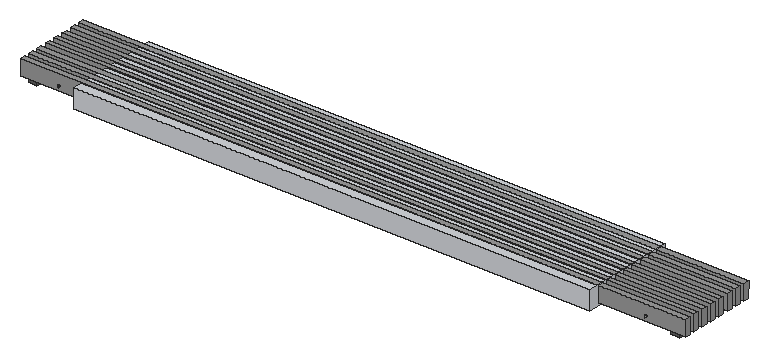
Revit family "1213-8, Veneer", category Generic Models, host Face, Revit 2020
Family settings
  Host = Face
  Can host rebar = No
  Round Connector Dimension = Use Diameter
  Part Type = Normal
  Cut with Voids When Loaded = No
  Shared = No
  Room Calculation Point = No
Parameters
  min_value [instance] = 1' - 11 1/4"  # constant formula
  max_value [instance] = 9' - 11 1/4"  # constant formula
  actual_value [instance] = if(NET LENGTH < min_value, min_value, if(NET LENGTH > max_value, max_value, NET LENGTH))  # 7' - 11 1/4"
  NET LENGTH [instance] = 7' - 11 1/4"
  IMPORTANT NOTE!!!                                                                             *Backer & dowel layout is for visualization purposes only, final layout to be determined by 9Wood. [instance] = ""
  Default Elevation = 4' - 0"
  DOWEL RADIUS [instance] = 0' - 0 1/4"  # constant formula
  BACKING M MATERIAL [instance] = BLACK-BACKERS
  .. MEMBER WIDTH [instance] = 0' - 0 3/4"  # constant formula
  .. MEMBER MATERIAL [instance] = Veneer Cherry
  .. MEMBER DEPTH [instance] = 0' - 2 1/4"  # constant formula
  .. MEMBER COUNT [instance] = 8  # constant formula
Reference planes (in)
  plane 1 "Center (Front/Back)": y = 0
  plane 2: z = 2.726
  plane 3 "Center (Left/Right)": x = 0
Forms (in)
  Extrusion 1, solid
    sketch origin (15, -0.86619, -0.99308) x (0, 1, 0) y (-1, 0, 0)
      loop
        line (3.42869, -23.66817) -> (3.42869, 50.25) -> (-10, 50.25) -> (-10, -23.66817) -> (3.42869, -23.66817)
    from 3.71908 to 1.00111
Dimensions and locks (in)
  aligned and locked: plane 2 to Extrusion 1
Nested families (in)
  nested 1: "1200 Series" at (-44, -2, 1.87867), NET LENGTH <- "actual_value", DOWEL RADII <- "DOWEL RADIUS", .. MEMBER WIDTH <- ".. MEMBER WIDTH", .. MEMBER DEPTH <- ".. MEMBER DEPTH", .. MEMBER MATERIAL <- ".. MEMBER MATERIAL", BACKING M MATERIAL <- "BACKING M MATERIAL", .. MEMBER COUNT <- ".. MEMBER COUNT", type "1200 Series"
    with X 7' - 4", WIDTH 1' - 0 1/16", Space 0' - 0 11/16", START 0' - 0 3/8", SCRIM MATERIAL SCRIM, SCRIM 3 8' - 1", SCRIM 2 0' - 0 7/8", SCRIM 1 0' - 0 3/32", SCRIM yes, NET LENGTH 7' - 11 1/4", N 8, INSET 3 0' - 0 3/16", INSET 0' - 1", INDEX 0' - 5 5/8", END BACKER yes, DOWEL RADII 0' - 0 1/4", DOWEL COUNT 8, BACKING M WIDTH 0' - 1 1/4", BACKING M MATERIAL BLACK-BACKERS, BACKING M LENGTH 0' - 11 7/8", BACKING M DEPTH 0' - 0 1/2", .. MEMBER WIDTH 0' - 0 3/4", .. MEMBER OC TYP 0' - 1 1/2", .. MEMBER MATERIAL Veneer Cherry, .. MEMBER DEPTH 0' - 2 1/4", .. MEMBER COUNT 8
Definition of nested family "1200 Series"
  Parameters (values of type "1200 Series")
    X [instance] = NET LENGTH - (0' 3 5/8" * 2)  # 6' - 2"
    WIDTH [instance] = 1' - 0 1/16"
    Space [instance] = 0' - 0 11/16"  # constant formula
    START [instance] = .. MEMBER WIDTH / 2  # 0' - 0 3/8"
    SCRIM MATERIAL [instance] = none
    SCRIM 3 [instance] = NET LENGTH + (SCRIM 2 * 2)  # 6' - 11"
    SCRIM 2 [instance] = 0' - 0 7/8"
    SCRIM 1 [instance] = 0' - 0 3/32"
    SCRIM [instance] = yes
    NET LENGTH [instance] = 6' - 9 1/4"
    N [instance] = if((X - (rounddown(X / 1' 0") * 1' 0")) > 1' 0", rounddown(X / 1' 0") + 2, rounddown(X / 1' 0") + 1)  # 7
    INSET 3 [instance] = 0' - 0 3/16"
    INSET [instance] = 0' - 1"
    INDEX [instance] = (NET LENGTH - ((N - 1) * 1' 0")) / 2  # 0' - 4 5/8"
    END BACKER [instance] = yes
    Default Elevation = 0' - 0"
    DOWEL RADII [instance] = 0' - 0 1/4"
    DOWEL COUNT [instance] = N  # 7
    BACKING M WIDTH [instance] = 0' - 1 1/4"
    BACKING M MATERIAL [instance] = none
    BACKING M LENGTH [instance] = 0' - 11 7/8"
    BACKING M DEPTH [instance] = 0' - 0 1/2"
    .. MEMBER WIDTH [instance] = 0' - 0 3/4"
    .. MEMBER OC TYP [instance] = 1' 0" / .. MEMBER COUNT  # 0' - 3"
    .. MEMBER MATERIAL [instance] = none
    .. MEMBER DEPTH [instance] = 0' - 1 3/8"
    .. MEMBER COUNT [instance] = 4
  Reference planes (in)
    plane 1 "Center (Front/Back)": y = -7.5
    plane 2: z = 0
    plane 3 "Center (Left/Right)": x = 0
    plane 4: x = 1
    plane 5: x = 4.625
    plane 6: x = 81.25
    plane 7: x = 80.25
    plane 8: x = 16.625
    plane 9: y = -7.3125
    plane 10: y = -4.125
    plane 11: y = -7.125
    plane 12: y = 4.5625
    plane 13: y = -4.5
    plane 14: y = -7.59375
    plane 15: x = 82.125
    plane 16: y = 4.65625
    plane 17: x = -0.875
    plane 18: z = -1.375
    plane 19: z = -0.6875
  Lines and regions (in)
    model lines
      curve 1: line (4.375, -7.5, -0.6875) -> (4.875, -7.5, -0.6875)
    model lines, not visible
      curve 2: line (4.625, -7.5, -0.9375) -> (4.625, -7.5, -0.4375)
      curve 3: line (4.375, -7.5, -0.6875) -> (4.875, -7.5, -0.6875)
      curve 4: line (16.625, -7.5, -0.9375) -> (16.625, -7.5, -0.4375)
      curve 5: line (16.375, -7.5, -0.6875) -> (16.875, -7.5, -0.6875)
      curve 6: line (28.625, -7.5, -0.9375) -> (28.625, -7.5, -0.4375)
      curve 7: line (28.375, -7.5, -0.6875) -> (28.875, -7.5, -0.6875)
      curve 8: line (40.625, -7.5, -0.9375) -> (40.625, -7.5, -0.4375)
      curve 9: line (40.375, -7.5, -0.6875) -> (40.875, -7.5, -0.6875)
      curve 10: line (52.625, -7.5, -0.9375) -> (52.625, -7.5, -0.4375)
      curve 11: line (52.375, -7.5, -0.6875) -> (52.875, -7.5, -0.6875)
      curve 12: line (64.625, -7.5, -0.9375) -> (64.625, -7.5, -0.4375)
      curve 13: line (64.375, -7.5, -0.6875) -> (64.875, -7.5, -0.6875)
      curve 14: line (76.625, -7.5, -0.9375) -> (76.625, -7.5, -0.4375)
      curve 15: line (76.375, -7.5, -0.6875) -> (76.875, -7.5, -0.6875)
  Dimensions and locks (in)
    "NET LENGTH": plane 3 "Center (Left/Right)" to plane 6
    "INSET": plane 7 to plane 6
    "INDEX": plane 3 "Center (Left/Right)" to plane 5
    plane 5 to plane 8 = 1' - 0"
    "INSET 3": plane 1 "Center (Front/Back)" to plane 9
    equal spacing: group 1, group 2, group 3, group 4  (x3)
    "START": plane 11 to plane 1 "Center (Front/Back)"
    ".. MEMBER OC TYP": plane 10 to plane 11
    "WIDTH": plane 12 to plane 1 "Center (Front/Back)"
    "START": plane 10 to plane 13
    "SCRIM 1": plane 14 to plane 1 "Center (Front/Back)"
    "SCRIM 2": plane 6 to plane 15
    "SCRIM 1": plane 12 to plane 16
    "SCRIM 2": plane 17 to plane 3 "Center (Left/Right)"
    "INSET": plane 3 "Center (Left/Right)" to plane 4
    equal spacing: group 5, group 6, group 7, group 8, group 9, group 10, group 11  (x3)
    "Space": plane 19 to plane 18
    aligned and locked: level to plane 2
    aligned and locked: nested 1 to plane 4  (x2)
    aligned and locked: plane 7 to nested 2
    aligned and locked: plane 5 to nested 3
    aligned and locked: nested 1 to plane 9
    aligned and locked: plane 1 "Center (Front/Back)" to nested 4
    aligned and locked: plane 9 to nested 2
    aligned and locked: plane 13 to nested 5
    aligned and locked: nested 3 to plane 9
    aligned and locked: plane 18 to nested 1
    aligned and locked: plane 19 to nested 3
    aligned and locked: curve 1 to plane 19
    aligned and locked: plane 8 to curve 4
    aligned and locked: curve 5 to plane 19
    aligned and locked: nested 4 to plane 18
  Automatic sketch dimensions
    curve 1 to curve 1 = 0' - 0 1/2"
    curve 1 to plane 5 = 0' - 0 1/4"
    plane 5 to curve 1 = 0' - 0 1/4"
    curve 3 to curve 2 = 0' - 0 1/4"  (x2)
    curve 2 to curve 3 = 0' - 0 1/4"  (x2)
    curve 5 to curve 4 = 0' - 0 1/4"  (x2)
    curve 4 to curve 5 = 0' - 0 1/4"  (x2)
    curve 7 to curve 6 = 0' - 0 1/4"  (x2)
    curve 6 to curve 7 = 0' - 0 1/4"  (x2)
    curve 9 to curve 8 = 0' - 0 1/4"  (x2)
    curve 8 to curve 9 = 0' - 0 1/4"  (x2)
    curve 11 to curve 10 = 0' - 0 1/4"  (x2)
    curve 10 to curve 11 = 0' - 0 1/4"  (x2)
    curve 13 to curve 12 = 0' - 0 1/4"  (x2)
    curve 12 to curve 13 = 0' - 0 1/4"  (x2)
    curve 15 to curve 14 = 0' - 0 1/4"  (x2)
    curve 14 to curve 15 = 0' - 0 1/4"  (x2)
  Nested families (in)
    nested 1: "INSTANCE - 2ND -  EXTEND SIDE H CENTER W - Parametric Cube" at (1, -1.375, -1.375) x (0, -1, 0) z (0, 0, 1), Width <- "BACKING M LENGTH", Length <- "BACKING M WIDTH", Material <- "BACKING M MATERIAL", Height <- "BACKING M DEPTH", visible <- "END BACKER", type "INSTANCE - 2ND -  EXTEND SIDE H CENTER W - Parametric Cube"
      with Width 0' - 11 7/8", Material none, Length 0' - 1 1/4", Height 0' - 0 1/2"
    nested 2: "INSTANCE - 2ND -  EXTEND SIDE H CENTER W - Parametric Cube" at (80.25, -1.375, -1.375) x (0, -1, 0) z (0, 0, 1), Width <- "BACKING M LENGTH", Length <- "BACKING M WIDTH", Material <- "BACKING M MATERIAL", Height <- "BACKING M DEPTH", visible <- "END BACKER", type "INSTANCE - 2ND -  EXTEND SIDE H CENTER W - Parametric Cube"
      with Width 0' - 11 7/8", Material none, Length 0' - 1 1/4", Height 0' - 0 1/2"
    nested 3: "Family3" at (-5.375, -7.3125, -0.6875), DOWEL RADII <- "DOWEL RADII", BACKING MEM MATERIAL <- "BACKING M MATERIAL", type "Family3"
      with DOWEL RADII 0' - 0 1/4", DOWEL LENGTH 0' - 11 7/8", BACKING MEM MATERIAL none
    nested 4: "HOLED MEMBER" at (0, -18.75, 6.19404), DOWEL RADII <- "DOWEL RADII", .. MEMBER LENGTH <- "NET LENGTH", DOWEL COUNT <- "DOWEL COUNT", DEPTH <- ".. MEMBER DEPTH", .. MEMBER WIDTH <- ".. MEMBER WIDTH", Material <- ".. MEMBER MATERIAL", DOWEL INDEX <- "INDEX", Space 2 <- "Space", type "HOLED MEMBER"
      with Width 0' - 6", Space 2 0' - 0 11/16", Material none, Length 1' - 0", Height 0' - 10.43096", DOWEL RADII 0' - 0 1/4", DOWEL OC DIST 1' - 0", DOWEL INDEX 0' - 4 5/8", DOWEL COUNT 7, DEPTH 0' - 1 3/8", .. MEMBER WIDTH 0' - 0 3/4", .. MEMBER LENGTH 6' - 9 1/4"
    nested 5: "HOLED MEMBER" at (0, -15.75, 6.19404), DOWEL RADII <- "DOWEL RADII", .. MEMBER LENGTH <- "NET LENGTH", DOWEL COUNT <- "DOWEL COUNT", DEPTH <- ".. MEMBER DEPTH", .. MEMBER WIDTH <- ".. MEMBER WIDTH", Material <- ".. MEMBER MATERIAL", DOWEL INDEX <- "INDEX", Space 2 <- "Space", type "HOLED MEMBER"
      with Width 0' - 6", Space 2 0' - 0 11/16", Material none, Length 1' - 0", Height 0' - 10.43096", DOWEL RADII 0' - 0 1/4", DOWEL OC DIST 1' - 0", DOWEL INDEX 0' - 4 5/8", DOWEL COUNT 7, DEPTH 0' - 1 3/8", .. MEMBER WIDTH 0' - 0 3/4", .. MEMBER LENGTH 6' - 9 1/4"
    nested 6: "HOLED MEMBER" at (0, -12.75, 6.19404), DOWEL RADII <- "DOWEL RADII", .. MEMBER LENGTH <- "NET LENGTH", DOWEL COUNT <- "DOWEL COUNT", DEPTH <- ".. MEMBER DEPTH", .. MEMBER WIDTH <- ".. MEMBER WIDTH", Material <- ".. MEMBER MATERIAL", DOWEL INDEX <- "INDEX", Space 2 <- "Space", type "HOLED MEMBER"
      with Width 0' - 6", Space 2 0' - 0 11/16", Material none, Length 1' - 0", Height 0' - 10.43096", DOWEL RADII 0' - 0 1/4", DOWEL OC DIST 1' - 0", DOWEL INDEX 0' - 4 5/8", DOWEL COUNT 7, DEPTH 0' - 1 3/8", .. MEMBER WIDTH 0' - 0 3/4", .. MEMBER LENGTH 6' - 9 1/4"
    nested 7: "HOLED MEMBER" at (0, -9.75, 6.19404), DOWEL RADII <- "DOWEL RADII", .. MEMBER LENGTH <- "NET LENGTH", DOWEL COUNT <- "DOWEL COUNT", DEPTH <- ".. MEMBER DEPTH", .. MEMBER WIDTH <- ".. MEMBER WIDTH", Material <- ".. MEMBER MATERIAL", DOWEL INDEX <- "INDEX", Space 2 <- "Space", type "HOLED MEMBER"
      with Width 0' - 6", Space 2 0' - 0 11/16", Material none, Length 1' - 0", Height 0' - 10.43096", DOWEL RADII 0' - 0 1/4", DOWEL OC DIST 1' - 0", DOWEL INDEX 0' - 4 5/8", DOWEL COUNT 7, DEPTH 0' - 1 3/8", .. MEMBER WIDTH 0' - 0 3/4", .. MEMBER LENGTH 6' - 9 1/4"
    nested 8: "Family3" at (6.625, -7.3125, -0.6875), DOWEL RADII <- "DOWEL RADII", BACKING MEM MATERIAL <- "BACKING M MATERIAL", type "Family3"
      with DOWEL RADII 0' - 0 1/4", DOWEL LENGTH 0' - 11 7/8", BACKING MEM MATERIAL none
    nested 9: "Family3" at (18.625, -7.3125, -0.6875), DOWEL RADII <- "DOWEL RADII", BACKING MEM MATERIAL <- "BACKING M MATERIAL", type "Family3"
      with DOWEL RADII 0' - 0 1/4", DOWEL LENGTH 0' - 11 7/8", BACKING MEM MATERIAL none
    nested 10: "Family3" at (30.625, -7.3125, -0.6875), DOWEL RADII <- "DOWEL RADII", BACKING MEM MATERIAL <- "BACKING M MATERIAL", type "Family3"
      with DOWEL RADII 0' - 0 1/4", DOWEL LENGTH 0' - 11 7/8", BACKING MEM MATERIAL none
    nested 11: "Family3" at (42.625, -7.3125, -0.6875), DOWEL RADII <- "DOWEL RADII", BACKING MEM MATERIAL <- "BACKING M MATERIAL", type "Family3"
      with DOWEL RADII 0' - 0 1/4", DOWEL LENGTH 0' - 11 7/8", BACKING MEM MATERIAL none
    nested 12: "Family3" at (54.625, -7.3125, -0.6875), DOWEL RADII <- "DOWEL RADII", BACKING MEM MATERIAL <- "BACKING M MATERIAL", type "Family3"
      with DOWEL RADII 0' - 0 1/4", DOWEL LENGTH 0' - 11 7/8", BACKING MEM MATERIAL none
    nested 13: "Family3" at (66.625, -7.3125, -0.6875), DOWEL RADII <- "DOWEL RADII", BACKING MEM MATERIAL <- "BACKING M MATERIAL", type "Family3"
      with DOWEL RADII 0' - 0 1/4", DOWEL LENGTH 0' - 11 7/8", BACKING MEM MATERIAL none
  Definition of nested family "INSTANCE - 2ND -  EXTEND SIDE H CENTER W - Parametric Cube"
    Parameters (values of type "INSTANCE - 2ND -  EXTEND SIDE H CENTER W - Parametric Cube")
      Width [instance] = 0' - 6"
      Material [instance] = none
      Length [instance] = 1' - 0"
      Height [instance] = 1' - 6"
      Default Elevation = 0' - 0"
    Reference planes (in)
      plane 1 "Center (Front/Back)": y = 0
      plane 2: z = 0
      plane 3 "Center (Left/Right)": x = 0
      plane 4: x = -3
      plane 5: x = 3
      plane 6: y = 12
      plane 7: z = -18
    Forms (in)
      Extrusion 1, solid, material <- "Material"
        sketch origin (0, 6, 0) x (1, 0, 0) y (0, 1, 0)
          loop
            line (-3, 6) -> (-3, -6) -> (3, -6) -> (3, 6) -> (-3, 6)
        from -18 to 0
    Dimensions and locks (in)
      equal spacing: plane 4, plane 3 "Center (Left/Right)", plane 5
      "Width": plane 4 to plane 5
      "Height": plane 7 to level
      "Length": plane 1 "Center (Front/Back)" to plane 6
      aligned and locked: plane 2 to level
      aligned and locked: plane 4 to Extrusion 1 sketch curve
      aligned and locked: Extrusion 1 sketch curve to plane 5
      aligned and locked: Extrusion 1 to plane 7
      aligned and locked: plane 6 to Extrusion 1
    Automatic sketch dimensions
      plane 1 "Center (Front/Back)" to Extrusion 1 sketch curve = 0' - 0"
      plane 6 to Extrusion 1 sketch curve = 0' - 0"
  Definition of nested family "Family3"
    Parameters (values of type "Family3")
      Default Elevation = 0' - 0"
      DOWEL RADII [instance] = 0' - 0 5/8"
      DOWEL LENGTH [instance] = 0' - 5"
      BACKING MEM MATERIAL [instance] = none
    Reference planes (in)
      plane 1 "Center (Front/Back)": y = 0
      plane 2: z = 0
      plane 3 "Center (Left/Right)": x = 0
      plane 4: y = 5
    Forms (in)
      Extrusion 1, solid, material <- "BACKING MEM MATERIAL"
        sketch origin (10, 0, 0) x (1, 0, 0) y (0, 0, 1)
          loop
            circle (0, 0) r 0.625
        from 0 to -5
      Extrusion 2, solid, not visible
        sketch origin (0, 0, 0) x (1, 0, 0) y (0, 0, 1)
          loop
            circle (0, 0) r 0.625
        from 0 to 12
      Extrusion 3, solid, not visible
        sketch origin (10, 0, 0) x (1, 0, 0) y (0, 0, 1)
          loop
            circle (0, 0) r 0.625
        from 0 to 2.5
      Extrusion 4, solid, not visible
        sketch origin (10, 0, 0) x (1, 0, 0) y (0, 0, 1)
          loop
            circle (0, 0) r 0.625
        from 0 to -12
    Lines and regions (in)
      model lines, not visible
        curve 1: line (-13, 0, 0) -> (-13, -12, 0)
        curve 2: line (13, 0, 0) -> (13, -12, 0)
        curve 3: line (9.89453, 0, 0) -> (10.08794, 0, 0)
        curve 4: line (9.89453, -2.5, 0) -> (10.08794, -2.5, 0)
        curve 6: line (10, 0, 0) -> (10, 2, 0)
      model lines
        curve 5: line (10, 0, 0) -> (10, 2, 0)
    Dimensions and locks (in)
      "DOWEL LENGTH": plane 1 "Center (Front/Back)" to plane 4
      "DOWEL RADII": radius of Extrusion 1 sketch curve
      "DOWEL RADII": radius of Extrusion 2 sketch curve
      "DOWEL RADII": radius of Extrusion 3 sketch curve
      "DOWEL RADII": radius of Extrusion 4 sketch curve
      "DOWEL RADII": radius of Extrusion 1
      aligned and locked: plane 2 to level
      aligned and locked: Extrusion 1 to plane 1 "Center (Front/Back)"  (x3)
      aligned and locked: plane 1 "Center (Front/Back)" to Extrusion 1
      aligned and locked: plane 4 to Extrusion 1
    Automatic sketch dimensions
      plane 1 "Center (Front/Back)" to curve 5 = 0' - 0"
      curve 5 to plane 1 "Center (Front/Back)" = 0' - 2"
      plane 3 "Center (Left/Right)" to curve 5 = 0' - 10"
      Extrusion 1 sketch curve to level = 0' - 0"
      plane 3 "Center (Left/Right)" to Extrusion 1 sketch curve = 0' - 10"
  Definition of nested family "HOLED MEMBER"
    Parameters (values of type "HOLED MEMBER")
      Width [instance] = 0' - 6"
      Space 2 [instance] = 0' - 0 5/8"
      Space = 0' - 0 5/8"
      Material [instance] = none
      Length [instance] = 1' - 0"
      Height [instance] = 0' - 10.43096"
      Default Elevation = 0' - 0"
      DOWEL RADII [instance] = 0' - 0.34537"
      DOWEL OC DIST [instance] = 1' - 0"
      DOWEL INSET = 0' - 0 5/8"
      DOWEL INDEX [instance] = 0' - 5 5/8"
      DOWEL COUNT [instance] = 6
      DEPTH [instance] = 0' - 2"
      .. MEMBER WIDTH [instance] = 0' - 0 5/8"
      .. MEMBER LENGTH [instance] = 5' - 11 3/4"
    Reference planes (in)
      plane 1 "Center (Front/Back)": y = 12
      plane 2: z = -7.56904
      plane 3 "Center (Left/Right)": x = 0
      plane 4: x = 5.625
      plane 5: x = 17.625
      plane 6: y = 11.375
      plane 7: x = 71.75
      plane 8: z = -6.94404
      plane 9: z = -5.56904
    Forms (in)
      Extrusion 1, solid, material <- "Material"
        sketch origin (0, 12, -13.56904) x (1, 0, 0) y (0, 0, 1)
          loop
            line (0, 6) -> (71.75, 6) -> (71.75, 8) -> (0, 8) -> (0, 6)
        from 0.625 to 0
      Extrusion 2, void
        sketch origin (0, 12, -18.31904) x (1, 0, 0) y (0, 0, 1)
          loop
            circle (5.625, 11.375) r 0.34537
        from 0 to 12
      Extrusion 3, void, not visible
        sketch origin (0, 1.25, 0) x (1, 0, 0) y (0, 1, 0)
          loop
            circle (5.625, 11.375) r 0.34537
        from 0 to 12
      Extrusion 4, void, not visible
        sketch origin (0, 1.25, 0) x (1, 0, 0) y (0, 1, 0)
          loop
            circle (5.625, 11.375) r 0.34537
        from 0 to 12
      Extrusion 5, void, not visible
        sketch origin (12, 1.25, 0) x (1, 0, 0) y (0, 1, 0)
          loop
            circle (5.625, 11.375) r 0.34537
        from 0 to 12
      Extrusion 6, void, not visible
        sketch origin (0, 12, -16.31904) x (1, 0, 0) y (0, 0, 1)
          loop
            circle (5.625, 11.375) r 0.34537
        from 0 to 12
      Extrusion 7, void, not visible
        sketch origin (12, 12, -16.31904) x (1, 0, 0) y (0, 0, 1)
          loop
            circle (5.625, 11.375) r 0.34537
        from 0 to 12
      Extrusion 8, void, not visible
        sketch origin (0, 12, -18.31904) x (1, 0, 0) y (0, 0, 1)
          loop
            circle (5.625, 11.375) r 0.34537
        from 0 to 12
      Extrusion 9, void
        sketch origin (12, 12, -18.31904) x (1, 0, 0) y (0, 0, 1)
          loop
            circle (5.625, 11.375) r 0.34537
        from 0 to 12
      Extrusion 10, void, not visible
        sketch origin (24, 12, -16.31904) x (1, 0, 0) y (0, 0, 1)
          loop
            circle (5.625, 11.375) r 0.34537
        from 0 to 12
      Extrusion 11, void, not visible
        sketch origin (36, 12, -16.31904) x (1, 0, 0) y (0, 0, 1)
          loop
            circle (5.625, 11.375) r 0.34537
        from 0 to 12
      Extrusion 12, void, not visible
        sketch origin (48, 12, -16.31904) x (1, 0, 0) y (0, 0, 1)
          loop
            circle (5.625, 11.375) r 0.34537
        from 0 to 12
      Extrusion 13, void, not visible
        sketch origin (60, 12, -16.31904) x (1, 0, 0) y (0, 0, 1)
          loop
            circle (5.625, 11.375) r 0.34537
        from 0 to 12
      Extrusion 14, void, not visible
        sketch origin (24, 1.25, 0) x (1, 0, 0) y (0, 1, 0)
          loop
            circle (5.625, 11.375) r 0.34537
        from 0 to 12
      Extrusion 15, void, not visible
        sketch origin (36, 1.25, 0) x (1, 0, 0) y (0, 1, 0)
          loop
            circle (5.625, 11.375) r 0.34537
        from 0 to 12
      Extrusion 16, void, not visible
        sketch origin (48, 1.25, 0) x (1, 0, 0) y (0, 1, 0)
          loop
            circle (5.625, 11.375) r 0.34537
        from 0 to 12
      Extrusion 17, void, not visible
        sketch origin (60, 1.25, 0) x (1, 0, 0) y (0, 1, 0)
          loop
            circle (5.625, 11.375) r 0.34537
        from 0 to 12
      Extrusion 18, void
        sketch origin (24, 12, -18.31904) x (1, 0, 0) y (0, 0, 1)
          loop
            circle (5.625, 11.375) r 0.34537
        from 0 to 12
      Extrusion 19, void
        sketch origin (36, 12, -18.31904) x (1, 0, 0) y (0, 0, 1)
          loop
            circle (5.625, 11.375) r 0.34537
        from 0 to 12
      Extrusion 20, void
        sketch origin (48, 12, -18.31904) x (1, 0, 0) y (0, 0, 1)
          loop
            circle (5.625, 11.375) r 0.34537
        from 0 to 12
      Extrusion 21, void
        sketch origin (60, 12, -18.31904) x (1, 0, 0) y (0, 0, 1)
          loop
            circle (5.625, 11.375) r 0.34537
        from 0 to 12
    Cuts and joins
      Extrusion 2, Extrusion 9, Extrusion 18, Extrusion 19, Extrusion 20, Extrusion 21 cuts Extrusion 1
    Lines and regions (in)
      model lines, not visible
        curve 1: line (5.625, 11.72037, 0) -> (5.625, 11.02963, 0)
        curve 2: line (5.625, 11.72037, 0) -> (5.625, 11.02963, 0)
        curve 3: line (17.625, 11.72037, 0) -> (17.625, 11.02963, 0)
        curve 4: line (5.625, 12, -7.56904) -> (5.625, 11.87317, -7.56904)
        curve 5: line (5.625, 11.87317, -7.56904) -> (5.06195, 11.87317, -7.56904)
        curve 6: line (5.06195, 11.87317, -7.56904) -> (5.27963, 11.375, -7.56904)
        curve 7: line (0, 12, -6.19404) -> (0, 11.61951, -6.19404)
        curve 8: line (0, 11.375, -8.19404) -> (0, 11.6747, -8.19404)
        curve 9: line (5.625, 12, -7.56904) -> (5.625, 11.69863, -7.56904)
        curve 11: line (5.625, 12, 0) -> (5.625, 12, 0.30137)
        curve 12: line (5.625, 12, 0) -> (5.625, 12, 0.30137)
        curve 13: line (17.625, 12, 0) -> (17.625, 12, 0.30137)
        curve 14: line (5.625, 12, -5.56904) -> (5.625, 11.69863, -5.56904)
        curve 15: line (17.625, 12, -5.56904) -> (17.625, 11.69863, -5.56904)
        curve 16: line (5.625, 12, -7.56904) -> (5.625, 11.69863, -7.56904)
        curve 18: line (29.625, 12, -5.56904) -> (29.625, 11.69863, -5.56904)
        curve 19: line (41.625, 12, -5.56904) -> (41.625, 11.69863, -5.56904)
        curve 20: line (53.625, 12, -5.56904) -> (53.625, 11.69863, -5.56904)
        curve 21: line (65.625, 12, -5.56904) -> (65.625, 11.69863, -5.56904)
        curve 22: line (29.625, 11.72037, 0) -> (29.625, 11.02963, 0)
        curve 23: line (29.625, 12, 0) -> (29.625, 12, 0.30137)
        curve 24: line (41.625, 11.72037, 0) -> (41.625, 11.02963, 0)
        curve 25: line (41.625, 12, 0) -> (41.625, 12, 0.30137)
        curve 26: line (53.625, 11.72037, 0) -> (53.625, 11.02963, 0)
        curve 27: line (53.625, 12, 0) -> (53.625, 12, 0.30137)
        curve 28: line (65.625, 11.72037, 0) -> (65.625, 11.02963, 0)
        curve 29: line (65.625, 12, 0) -> (65.625, 12, 0.30137)
        curve 35: line (5.27963, 12.625, 0) -> (5.97037, 12.625, 0)
        curve 36: line (5.27963, 12.625, 0) -> (5.97037, 12.625, 0)
        curve 37: line (17.27963, 12.625, 0) -> (17.97037, 12.625, 0)
        curve 38: line (5.27963, 12, -4.94404) -> (5.97037, 12, -4.94404)
        curve 39: line (17.27963, 12, -4.94404) -> (17.97037, 12, -4.94404)
        curve 40: line (5.27963, 12, -6.94404) -> (5.97037, 12, -6.94404)
        curve 42: line (29.27963, 12, -4.94404) -> (29.97037, 12, -4.94404)
        curve 43: line (41.27963, 12, -4.94404) -> (41.97037, 12, -4.94404)
        curve 44: line (53.27963, 12, -4.94404) -> (53.97037, 12, -4.94404)
        curve 45: line (65.27963, 12, -4.94404) -> (65.97037, 12, -4.94404)
        curve 46: line (29.27963, 12.625, 0) -> (29.97037, 12.625, 0)
        curve 47: line (41.27963, 12.625, 0) -> (41.97037, 12.625, 0)
        curve 48: line (53.27963, 12.625, 0) -> (53.97037, 12.625, 0)
        curve 49: line (65.27963, 12.625, 0) -> (65.97037, 12.625, 0)
        curve 54: line (0, 12, -6.94404) -> (0, 4.22059, -6.94404)
        curve 55: line (0, 12.625, 0) -> (0, 12.625, 7.77941)
        curve 56: line (0, 12.625, 0) -> (0, 12.625, 7.77941)
        curve 57: line (12, 12.625, 0) -> (12, 12.625, 7.77941)
        curve 58: line (0, 12, -4.94404) -> (0, 4.22059, -4.94404)
        curve 59: line (12, 12, -4.94404) -> (12, 4.22059, -4.94404)
        curve 60: line (0, 12, -6.94404) -> (0, 4.22059, -6.94404)
        curve 61: line (12, 12, -6.94404) -> (12, 4.22059, -6.94404)
        curve 62: line (24, 12, -4.94404) -> (24, 4.22059, -4.94404)
        curve 63: line (36, 12, -4.94404) -> (36, 4.22059, -4.94404)
        curve 64: line (48, 12, -4.94404) -> (48, 4.22059, -4.94404)
        curve 65: line (60, 12, -4.94404) -> (60, 4.22059, -4.94404)
        curve 66: line (24, 12.625, 0) -> (24, 12.625, 7.77941)
        curve 67: line (36, 12.625, 0) -> (36, 12.625, 7.77941)
        curve 68: line (48, 12.625, 0) -> (48, 12.625, 7.77941)
        curve 69: line (60, 12.625, 0) -> (60, 12.625, 7.77941)
        curve 70: line (24, 12, -6.94404) -> (24, 4.22059, -6.94404)
        curve 71: line (36, 12, -6.94404) -> (36, 4.22059, -6.94404)
        curve 72: line (48, 12, -6.94404) -> (48, 4.22059, -6.94404)
        curve 73: line (60, 12, -6.94404) -> (60, 4.22059, -6.94404)
      model lines
        curve 10: line (5.625, 12, -7.56904) -> (5.625, 11.69863, -7.56904)
        curve 17: line (17.625, 12, -7.56904) -> (17.625, 11.69863, -7.56904)
        curve 30: line (29.625, 12, -7.56904) -> (29.625, 11.69863, -7.56904)
        curve 31: line (41.625, 12, -7.56904) -> (41.625, 11.69863, -7.56904)
        curve 32: line (53.625, 12, -7.56904) -> (53.625, 11.69863, -7.56904)
        curve 33: line (65.625, 12, -7.56904) -> (65.625, 11.69863, -7.56904)
        curve 34: line (5.27963, 12, -6.94404) -> (5.97037, 12, -6.94404)
        curve 41: line (17.27963, 12, -6.94404) -> (17.97037, 12, -6.94404)
        curve 50: line (29.27963, 12, -6.94404) -> (29.97037, 12, -6.94404)
        curve 51: line (41.27963, 12, -6.94404) -> (41.97037, 12, -6.94404)
        curve 52: line (53.27963, 12, -6.94404) -> (53.97037, 12, -6.94404)
        curve 53: line (65.27963, 12, -6.94404) -> (65.97037, 12, -6.94404)
    Dimensions and locks (in)
      "DOWEL INDEX": plane 3 "Center (Left/Right)" to plane 4
      "DOWEL OC DIST": plane 4 to plane 5
      ".. MEMBER LENGTH": plane 3 "Center (Left/Right)" to plane 7
      equal spacing: group 3, group 4, group 17, group 18, group 19, group 20  (x3)
      equal spacing: group 7, group 8, group 13, group 14, group 15, group 16  (x3)
      equal spacing: group 1, group 12, group 21, group 22, group 23, group 24  (x3)
      ".. MEMBER WIDTH": plane 6 to plane 1 "Center (Front/Back)"
      "DEPTH": plane 9 to level
      "Space 2": plane 8 to level
      "DOWEL RADII": radius of Extrusion 2 sketch curve
      "DOWEL RADII": radius of Extrusion 3 sketch curve
      "DOWEL RADII": radius of Extrusion 4 sketch curve
      "DOWEL RADII": radius of Extrusion 5 sketch curve
      "DOWEL RADII": radius of Extrusion 6 sketch curve
      "DOWEL RADII": radius of Extrusion 7 sketch curve
      "DOWEL RADII": radius of Extrusion 8 sketch curve
      "DOWEL RADII": radius of Extrusion 9 sketch curve
      "DOWEL RADII": radius of Extrusion 10 sketch curve
      "DOWEL RADII": radius of Extrusion 11 sketch curve
      "DOWEL RADII": radius of Extrusion 12 sketch curve
      "DOWEL RADII": radius of Extrusion 13 sketch curve
      "DOWEL RADII": radius of Extrusion 14 sketch curve
      "DOWEL RADII": radius of Extrusion 15 sketch curve
      "DOWEL RADII": radius of Extrusion 16 sketch curve
      "DOWEL RADII": radius of Extrusion 17 sketch curve
      "DOWEL RADII": radius of Extrusion 18 sketch curve
      "DOWEL RADII": radius of Extrusion 19 sketch curve
      "DOWEL RADII": radius of Extrusion 20 sketch curve
      "DOWEL RADII": radius of Extrusion 21 sketch curve
      aligned and locked: level to plane 2
      aligned and locked: Extrusion 1 to plane 3 "Center (Left/Right)"  (x2)
      aligned and locked: plane 7 to cut or joined group of Extrusion 1, Extrusion 2, Extrusion 9, Extrusion 18, Extrusion 19, Extrusion 20, Extrusion 21  (x2)
      aligned and locked: cut or joined group of Extrusion 1, Extrusion 2, Extrusion 9, Extrusion 18, Extrusion 19, Extrusion 20, Extrusion 21 to plane 1 "Center (Front/Back)"  (x2)
      aligned and locked: cut or joined group of Extrusion 1, Extrusion 2, Extrusion 9, Extrusion 18, Extrusion 19, Extrusion 20, Extrusion 21 to plane 6  (x2)
      aligned and locked: plane 4 to curve 10
      aligned and locked: plane 5 to curve 17
      aligned and locked: plane 9 to cut or joined group of Extrusion 1, Extrusion 2, Extrusion 9, Extrusion 18, Extrusion 19, Extrusion 20, Extrusion 21  (x2)
      aligned and locked: cut or joined group of Extrusion 1, Extrusion 2, Extrusion 9, Extrusion 18, Extrusion 19, Extrusion 20, Extrusion 21 to level
      aligned and locked: plane 8 to Extrusion 2
      aligned and locked: curve 34 to plane 8
      aligned and locked: curve 41 to plane 8
      aligned and locked: level to curve 10
      aligned and locked: curve 10 to level
      aligned and locked: plane 8 to cut or joined group of Extrusion 1, Extrusion 2, Extrusion 9, Extrusion 18, Extrusion 19, Extrusion 20, Extrusion 21
      aligned and locked: curve 54 to plane 8
    Automatic sketch dimensions
      curve 1 to curve 1 = 0' - 0.69074"
      curve 2 to curve 2 = 0' - 0.69074"
      curve 3 to curve 3 = 0' - 0.69074"
      Extrusion 1 sketch curve to plane 3 "Center (Left/Right)" = 0' - 0"
      Extrusion 1 sketch curve to plane 7 = 0' - 0"
      Extrusion 1 sketch curve to Extrusion 1 sketch curve = 0' - 2"
      level to Extrusion 1 sketch curve = 0' - 0"
      curve 9 to curve 9 = 0' - 0.30137"
      curve 10 to curve 10 = 0' - 0.30137"
      curve 11 to curve 11 = 0' - 0.30137"
      curve 12 to curve 12 = 0' - 0.30137"
      curve 13 to curve 13 = 0' - 0.30137"
      curve 14 to curve 14 = 0' - 0.30137"
      curve 15 to curve 15 = 0' - 0.30137"
      curve 16 to curve 16 = 0' - 0.30137"
      curve 17 to curve 17 = 0' - 0.30137"
      curve 18 to curve 18 = 0' - 0.30137"
      curve 19 to curve 19 = 0' - 0.30137"
      curve 20 to curve 20 = 0' - 0.30137"
      curve 21 to curve 21 = 0' - 0.30137"
      curve 22 to curve 22 = 0' - 0.69074"
      curve 23 to curve 23 = 0' - 0.30137"
      curve 24 to curve 24 = 0' - 0.69074"
      curve 25 to curve 25 = 0' - 0.30137"
      curve 26 to curve 26 = 0' - 0.69074"
      curve 27 to curve 27 = 0' - 0.30137"
      curve 28 to curve 28 = 0' - 0.69074"
      curve 29 to curve 29 = 0' - 0.30137"
      curve 30 to curve 30 = 0' - 0.30137"
      curve 31 to curve 31 = 0' - 0.30137"
      curve 32 to curve 32 = 0' - 0.30137"
      curve 33 to curve 33 = 0' - 0.30137"
      curve 34 to curve 34 = 0' - 0.69074"
      curve 35 to curve 35 = 0' - 0.69074"
      curve 36 to curve 36 = 0' - 0.69074"
      curve 37 to curve 37 = 0' - 0.69074"
      curve 38 to curve 38 = 0' - 0.69074"
      curve 39 to curve 39 = 0' - 0.69074"
      curve 40 to curve 40 = 0' - 0.69074"
      curve 41 to curve 41 = 0' - 0.69074"
      curve 42 to curve 42 = 0' - 0.69074"
      curve 43 to curve 43 = 0' - 0.69074"
      curve 44 to curve 44 = 0' - 0.69074"
      curve 45 to curve 45 = 0' - 0.69074"
      curve 46 to curve 46 = 0' - 0.69074"
      curve 47 to curve 47 = 0' - 0.69074"
      curve 48 to curve 48 = 0' - 0.69074"
      curve 49 to curve 49 = 0' - 0.69074"
      curve 50 to curve 50 = 0' - 0.69074"
      curve 51 to curve 51 = 0' - 0.69074"
      curve 52 to curve 52 = 0' - 0.69074"
      curve 53 to curve 53 = 0' - 0.69074"
      curve 54 to curve 54 = 0' - 7.77941"
      curve 55 to curve 55 = 0' - 7.77941"
      curve 56 to curve 56 = 0' - 7.77941"
      curve 57 to curve 57 = 0' - 7.77941"
      curve 58 to curve 58 = 0' - 7.77941"
      curve 59 to curve 59 = 0' - 7.77941"
      curve 60 to curve 60 = 0' - 7.77941"
      curve 61 to curve 61 = 0' - 7.77941"
      curve 62 to curve 62 = 0' - 7.77941"
      curve 63 to curve 63 = 0' - 7.77941"
      curve 64 to curve 64 = 0' - 7.77941"
      curve 65 to curve 65 = 0' - 7.77941"
      curve 66 to curve 66 = 0' - 7.77941"
      curve 67 to curve 67 = 0' - 7.77941"
      curve 68 to curve 68 = 0' - 7.77941"
      curve 69 to curve 69 = 0' - 7.77941"
      curve 70 to curve 70 = 0' - 7.77941"
      curve 71 to curve 71 = 0' - 7.77941"
      curve 72 to curve 72 = 0' - 7.77941"
      curve 73 to curve 73 = 0' - 7.77941"
